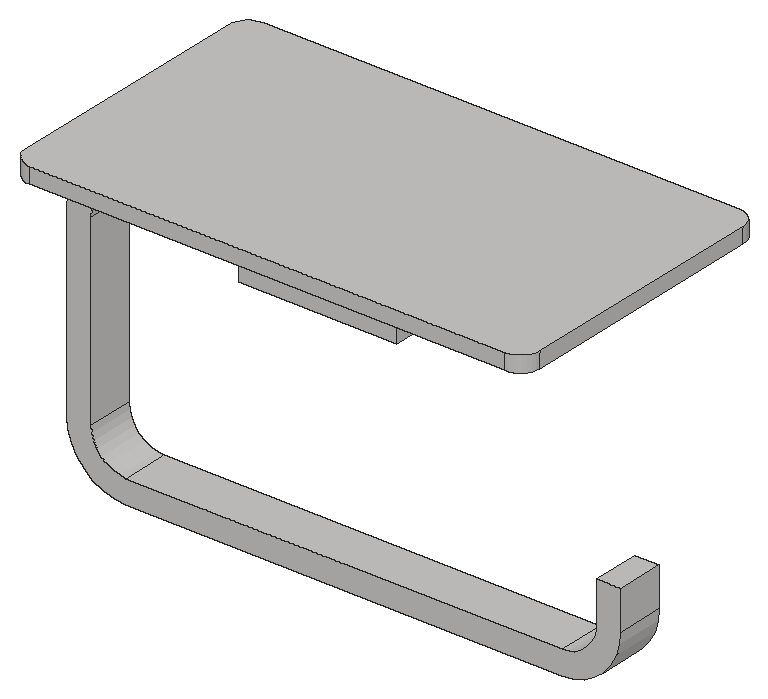
Revit family "rba-bim-rba1622-105", category Plumbing Fixtures, Revit 2016
Family settings
  Part Type = Normal
  Round Connector Dimension = Use Diameter
  Work Plane-Based = No
  Always vertical = Yes
  Cut with Voids When Loaded = No
  Shared = Yes
  Room Calculation Point = No
Parameters (values of type "RBA1622-105")
  Watermarked By = "www.rba.com.au"
  Waste Connection = yes
  Vent Connection = yes
  URL = ""
  Phone Number = "1300 788 778"
  Modified Issue = "20190218.01"
  Model = "RBA1622-105"
  Materials and Finishes = Stainless Steel AISI 304
  Manufacturer Model = ""
  Manufacturer = "RBA Group"  # constant formula
  HW Connection = yes
  Description = "ënda Toilet Roll Holder w/ Phone Shelf"
  Copyright by = "RBA Group"  # constant formula
  CW Connection = yes
Reference planes
  plane 1 "Center (Front/Back)": y = 0
  plane 2: z = 0
  plane 3 "Center (Left/Right)": x = 0
Forms (mm)
  Extrusion 1, solid, material "Stainless Steel AISI 304" <- "Materials and Finishes"
    sketch origin (0, -37, 0) x (1, 0, 0) y (0, 1, 0)
      loop
        line (60, 37) -> (-60, 37)
        arc (-60, 37) -> (-63.536, 35.536) -> (-65, 32) r 5
        line (-65, 32) -> (-65, -32)
        arc (-65, -32) -> (-63.536, -35.536) -> (-60, -37) r 5
        line (-60, -37) -> (60, -37)
        arc (60, -37) -> (63.536, -35.536) -> (65, -32) r 5
        line (65, -32) -> (65, 32)
        arc (65, 32) -> (63.536, 35.536) -> (60, 37) r 5
    from 77 to 81
  Extrusion 2, solid, material "Stainless Steel AISI 304" <- "Materials and Finishes"
    sketch origin (0, 0, 0) x (1, 0, 0) y (0, 0, 1)
      loop
        line (-20, 77) -> (-20, 62) -> (20, 62) -> (20, 77) -> (-20, 77)
    from 0 to 58
  Extrusion 3, solid, material "Stainless Steel AISI 304" <- "Materials and Finishes"
    sketch origin (0, 0, 0) x (1, 0, 0) y (0, 0, 1)
      loop
        line (-50, 71) -> (-20, 71) -> (-20, 77) -> (-50, 77)
        arc (-50, 77) -> (-60.607, 72.607) -> (-65, 62) r 15
        line (-65, 62) -> (-65, 15)
        arc (-65, 15) -> (-60.607, 4.393) -> (-50, 0) r 15
        line (-50, 0) -> (60, 0)
        arc (60, 0) -> (70.607, 4.393) -> (75, 15) r 15
        line (75, 15) -> (75, 25) -> (69, 25) -> (69, 15)
        arc (69, 15) -> (66.364, 8.636) -> (60, 6) r 9
        line (60, 6) -> (-50, 6)
        arc (-50, 6) -> (-56.364, 8.636) -> (-59, 15) r 9
        line (-59, 15) -> (-59, 62)
        arc (-59, 62) -> (-56.364, 68.364) -> (-50, 71) r 9
    from 44 to 56
Dimensions and locks
  aligned and locked: plane 2 to level
